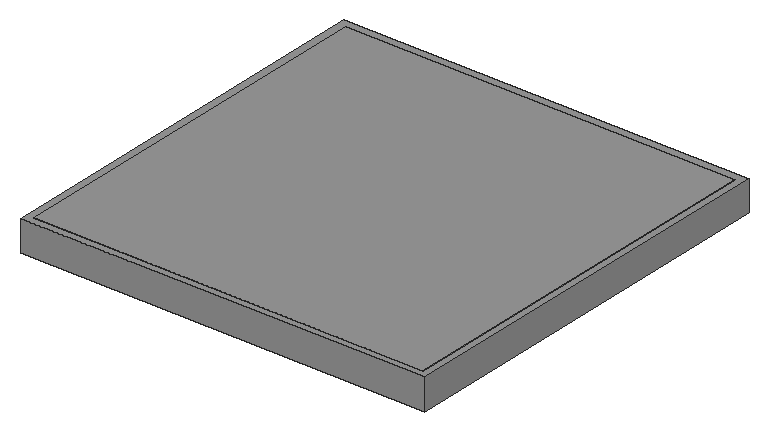
Revit family "ДВО-09 30 Вт Грильято DALI", category Осветительные приборы, Revit 2019 (continued)
Types (6, lengths in mm): name | Эффективность светильника | Файл фотометрической сетки | Тип рассеивателя | Световой поток модуля | built-in parameter 1150142 | Wattage | built-in parameter 1114217 | built-in parameter 1150134 | Lumens | built-in parameter 1150105 | Категория по ограничению яркости | built-in parameter 1150107 | built-in parameter 1150106 | Габаритная яркость | Артикул | URL
    3 332.2 327.3 322.9 317.5 312.9 307.6 303 297.5 292.8 287.6 283.2 277.8 273.4 268.5 264.4 259.6 255.5 251 247.1 242.6 238.7 234.4 230.6 226.2 222.3 218.1 214 209.8 206 201.7 197.8 193.5 189.7 185.4 181.5 177.3 173.5 169.3 165.6 161.5 157.9 153.9 150.3 146.4 143 139.2 135.8 132.1 128.9 125.3 122.1 118.7 115.7 112.2 109.2 105.9 103 99.8 97 93.8 91.1 88.2 85.4 82.5 80 77.2 74.6 71.9 69.6 66.9 64.6 62 59.7 57.2 55 52.6 50.5 48.2 46.3 44.3 42.5 40.6 39 37.3 36 34.3 33 31.6 30.3 29 27.8 26.5 25.4 24.1 22.9 21.7 20.6 19.3 18.2 17 15.9 14.6 13.4 12.2 11.1 9.8 8.7 7.6 6.6 5.7 5 4.3 4 3.7 3.5 3.4\r\n433.6 433.5 433.5 433.4 433.2 433 432.7 432.4 432.1 431.8 431.3 431 430.5 430.1 429.6 429.1 428.6 428 427.4 426.8 426 425.3 424.6 423.8 422.9 422.1 421 420.2 419.1 418.1 416.9 415.9 414.6 413.4 412 410.7 409.2 407.7 406 404.6 402.9 401.2 399.4 397.8 395.8 394 391.9 390 387.6 385.6 383.1 380.8 378 375.5 372.5 369.8 366.4 363.5 359.8 356.6 352.5 348.9 344.6 340.7 335.9 331.7 326.9 322.6 317.4 312.9 308 303.5 298.3 293.9 288.9 284.6 279.5 275.2 270.3 266.1 261.2 257.1 252.3 248.3 243.6 239.5 235.1 231.2 226.5 222.7 218.3 214.3 209.9 206.1 201.8 197.9 193.7 190.1 185.9 182.1 178 174.5 170.5 166.9 163 159.7 155.9 152.6 148.9 145.7 142.1 138.7 135.2 132.1 128.6 125.3 121.8 118.8 115.2 112.1 108.6 105.5 102.1 99 95.7 92.8 89.6 86.7 83.6 81 78 75.4 72.5 70.1 67.3 64.9 62.3 60.1 57.5 55.5 53.2 51.3 49.2 47.5 45.7 44.1 42.4 41 39.5 38.2 36.8 35.6 34.4 33.3 32.1 31 29.8 28.8 27.6 26.5 25.3 24.2 22.9 21.9 20.5 19.4 18 16.7 15.4 14.2 12.7 11.5 10.1 9 7.7 6.7 5.8 5.2 4.6 4.1 3.8\r\n433.7 433.7 433.8 433.8 433.7 433.4 433.2 432.8 432.5 432.2 431.9 431.5 431.2 430.8 430.3 429.9 429.5 428.9 428.3 427.7 427 426.3 425.6 424.8 423.9 423.2 422.1 421.3 420.2 419.2 418.2 417.1 416 414.9 413.5 412.3 410.9 409.4 407.8 406.4 404.7 403.2 401.4 399.8 397.7 395.9 393.8 391.8 389.2 387.2 384.6 382.2 379.2 376.6 373.5 370.7 367.1 363.9 360.2 356.7 352.5 348.7 344.3 340.3 335.5 331.3 326.5 322.3 317.2 313 308.3 304 299.1 295 290.2 286.1 281.1 276.9 272.1 267.8 262.8 258.6 253.7 249.6 244.6 240.3 235.8 231.7 226.9 223 218.5 214.5 210.1 206.2 202 198.1 194 190.4 186.3 182.7 178.8 175.4 171.6 168.3 164.6 161.5 158 154.8 151.3 148.4 144.9 141.7 138.3 135.3 131.8 128.5 125 121.9 118.2 114.9 111.2 108 104.4 101.1 97.6 94.5 91 88 84.7 81.9 78.8 76.1 73.1 70.6 67.7 65.3 62.7 60.5 57.9 55.9 53.8 52.1 50.2 48.6 47 45.6 44.1 42.9 41.7 40.5 39.3 38.3 37.2 36.3 35.2 34.3 33.2 32.2 31.1 30.1 28.9 27.8 26.6 25.5 24.1 22.9 21.4 20 18.5 17.2 15.6 14.2 12.6 11.3 9.8 8.4 7.3 6.3 5.5 4.8 4.3\r\n433.6 433.6 433.5 433.4 433.3 433.1 432.8 432.4 432.1 431.8 431.5 431.1 430.8 430.4 429.8 429.4 428.9 428.3 427.7 427.1 426.3 425.6 424.9 424.1 423.3 422.4 421.4 420.7 419.6 418.5 417.4 416.4 415.2 414.1 412.6 411.4 409.9 408.5 406.9 405.4 403.7 402.1 400.3 398.6 396.5 394.7 392.5 390.4 387.9 385.7 383.1 380.6 377.6 374.9 371.8 368.9 365.2 362.1 358.3 354.9 350.8 347.2 343 339.2 334.6 330.8 326.2 322.3 317.6 313.6 309.1 305.2 300.5 296.7 292.3 288.5 283.9 280.1 275.7 271.8 267.3 263.4 259 255.1 250.6 246.6 242.3 238.4 233.8 230 225.6 221.7 217.4 213.6 209.3 205.5 201.3 197.7 193.5 189.7 185.6 182 177.9 174.2 170 166.4 162.2 158.4 154.3 150.6 146.4 142.6 138.4 134.8 130.7 126.9 122.9 119.4 115.4 111.8 108 104.6 100.9 97.5 93.9 90.8 87.3 84.3 81 78.1 75 72.3 69.4 66.9 64.2 61.9 59.4 57.4 55.1 53.3 51.4 49.8 48.1 46.7 45.3 44.1 42.8 41.8 40.7 39.7 38.6 37.7 36.6 35.8 34.7 33.7 32.7 31.7 30.6 29.6 28.5 27.6 26.4 25.4 24.1 23 21.6 20.3 18.7 17.3 15.6 14.1 12.5 11.1 9.4 8.1 6.8 5.8 4.8 4.2 3.8\r\n433.4 433.4 433.2 433.1 432.9 432.7 432.4 432.1 431.8 431.4 431.1 430.8 430.4 429.9 429.3 428.9 428.3 427.7 427 426.4 425.7 424.9 424.2 423.4 422.6 421.7 420.8 420 418.9 417.9 416.7 415.7 414.4 413.2 411.7 410.5 409 407.7 405.9 404.5 402.7 401 399.2 397.4 395.2 393.5 391.2 389.1 386.6 384.2 381.6 379 375.9 373.2 370 367.1 363.4 360.2 356.5 353.1 349.1 345.7 341.6 338.1 333.8 330.2 326 322.4 317.9 314.3 310 306.4 302 298.4 294.3 290.9 286.6 283.3 279.2 275.8 271.8 268.2 264.3 260.7 256.5 252.9 248.8 245.2 240.8 237 232.7 229 224.7 221 216.7 212.8 208.6 204.9 200.6 196.7 192.4 188.6 184.2 180 175.4 171.2 166.5 162.1 157.2 152.8 147.8 143.5 138.5 134.3 129.5 125.3 120.8 117 112.6 108.7 104.7 101.2 97.4 93.9 90.3 87.1 83.6 80.6 77.2 74.4 71.3 68.5 65.7 63.2 60.6 58.5 56.2 54.4 52.3 50.7 49 47.5 46 44.7 43.6 42.7 41.5 40.7 39.8 38.9 38 37.1 36.1 35.2 34.2 33.2 32.1 31.2 30.1 29.1 28.1 27.3 26.2 25.3 24.2 23.1 21.8 20.5 18.9 17.4 15.6 14 12.3 10.8 9.1 7.7 6.2 5.2 4.1 3.6 3.3\r\n433.4 433.4 433.2 433.1 432.8 432.6 432.3 432 431.7 431.3 431 430.6 430.3 429.8 429.4 428.9 428.3 427.7 426.9 426.3 425.6 424.8 424 423.2 422.4 421.5 420.5 419.7 418.6 417.5 416.4 415.4 414.1 412.9 411.5 410.3 408.9 407.5 405.8 404.3 402.6 401 399.1 397.3 395.2 393.4 391.2 389.1 386.6 384.3 381.7 379.2 376.1 373.4 370.2 367.2 363.5 360.3 356.6 353.2 349.2 345.7 341.7 338.1 333.8 330.2 325.9 322.3 317.7 314.1 309.7 305.9 301.4 297.7 293.4 289.7 285.1 281.5 277.3 273.6 269.2 265.5 261.3 257.7 253.3 249.6 245.4 241.8 237.3 233.6 229.2 225.4 221.1 217.5 213.2 209.3 205.1 201.5 197.2 193.5 189.2 185.5 181.3 177.3 172.8 168.8 164.2 160 155.3 151.1 146.3 142 137.2 133 128.4 124.2 119.7 115.9 111.6 107.7 103.7 100.2 96.4 93 89.4 86.3 82.9 79.9 76.6 73.8 70.8 68.1 65.2 62.9 60.2 58.1 55.8 53.9 51.8 50.1 48.4 46.9 45.3 44 42.8 41.8 40.6 39.7 38.7 37.9 36.9 36.1 35.1 34.2 33.2 32.3 31.2 30.3 29.2 28.3 27.3 26.4 25.3 24.3 23.2 22.1 20.8 19.5 18 16.6 14.9 13.4 11.8 10.3 8.7 7.4 6 5 4 3.6 3.3\r\n433.4 433.4 433.2 433.1 432.8 432.5 432.2 431.9 431.6 431.2 430.8 430.5 430.2 429.8 429.4 428.8 428.3 427.7 426.9 426.2 425.5 424.7 423.8 422.9 422.2 421.2 420.2 419.3 418.3 417.2 416.2 415 413.9 412.7 411.3 410.1 408.7 407.3 405.7 404.2 402.6 400.9 399.1 397.3 395.2 393.3 391.1 389.1 386.6 384.3 381.8 379.3 376.2 373.5 370.3 367.3 363.7 360.4 356.7 353.4 349.3 345.8 341.8 338.2 333.9 330.1 325.9 322.2 317.6 313.8 309.4 305.5 300.9 297 292.4 288.4 283.6 279.8 275.3 271.3 266.6 262.8 258.4 254.6 250.1 246.4 242.1 238.4 233.9 230.1 225.7 221.8 217.6 213.9 209.6 205.8 201.6 198.1 193.9 190.2 186.1 182.5 178.4 174.5 170.3 166.4 162 158 153.4 149.4 144.8 140.5 135.9 131.8 127.3 123.1 118.6 114.8 110.6 106.7 102.8 99.3 95.5 92.1 88.6 85.5 82.1 79.1 75.9 73.3 70.3 67.6 64.8 62.5 59.8 57.7 55.4 53.5 51.2 49.6 47.7 46.3 44.5 43.3 42 40.9 39.7 38.7 37.7 36.9 35.9 35 34.1 33.2 32.2 31.4 30.3 29.4 28.4 27.5 26.4 25.6 24.4 23.4 22.2 21.1 19.7 18.5 17.1 15.7 14.2 12.8 11.3 9.8 8.2 7 5.7 4.8 4 3.5 3.3\r\n433.4 433.5 433.3 433.3 433.2 433 432.8 432.6 432.4 432.2 431.8 431.5 431.2 430.9 430.5 430.1 429.6 429 428.4 427.8 427.1 426.5 425.7 424.9 424.2 423.3 422.5 421.6 420.6 419.7 418.7 417.7 416.7 415.5 414.4 413.2 412 410.6 409.2 407.8 406.3 404.7 403.2 401.4 399.7 397.8 396 394 391.9 389.9 387.7 385.4 382.9 380.5 377.9 375.2 372.2 369.3 366.1 363 359.6 356.2 352.6 348.9 345.1 341.2 337.1 333.1 328.8 324.7 320.4 316 311.7 307.4 303 298.9 294.6 290.5 286.3 282.2 278 274.1 270 266.2 262.1 258.2 254.2 250.3 246.3 242.4 238.3 234.2 230.3 226.2 222.2 218.1 214 210 205.9 201.8 197.7 193.5 189.5 185.3 181.2 177 172.8 168.6 164.4 160.1 155.9 151.6 147.3 142.8 138.5 134 129.6 125.1 120.8 116.3 112.1 107.8 103.7 99.6 95.7 91.7 88.1 84.4 80.9 77.5 74.3 71 68 65.1 62.3 59.6 57.2 54.7 52.4 50.3 48.3 46.4 44.6 43 41.6 40.2 39 37.9 36.9 36 35.1 34.3 33.5 32.7 32 31.2 30.5 29.7 29 28.2 27.3 26.5 25.6 24.7 23.7 22.7 21.6 20.5 19.3 17.9 16.4 14.8 13.2 11.6 10 8.5 7.1 5.8 4.8 3.9 3.3\r\n433.4 433.5 433.5 433.5 433.6 433.5 433.4 433.3 433.2 433.1 432.8 432.6 432.3 432 431.6 431.3 430.9 430.4 429.9 429.5 428.8 428.3 427.6 426.9 426.3 425.4 424.7 423.9 423 422.2 421.3 420.3 419.5 418.4 417.5 416.2 415.2 413.9 412.8 411.4 410.1 408.6 407.2 405.5 404.1 402.4 400.8 399 397.2 395.4 393.6 391.5 389.6 387.4 385.4 383 380.8 378.2 375.6 372.7 369.9 366.6 363.5 359.6 356.3 352.2 348.3 344 340 335.5 331.3 326.5 322.5 317.8 313.7 309.4 305.6 301.3 297.4 293.1 289.5 285.4 281.7 277.7 274.1 270.1 266.4 262.3 258.8 254.7 250.9 246.7 243 238.5 234.7 230.3 226.5 221.8 217.8 213.3 209.3 204.5 200.6 196.1 192.2 187.5 183.7 179.2 175.4 170.9 167.1 162.6 158.6 153.8 149.7 144.9 140.5 135.3 130.9 125.8 121.5 116.3 111.9 107 102.9 98 94.1 89.7 85.9 81.7 78.2 74.4 71.2 67.6 64.7 61.6 58.9 56 53.6 51 48.9 46.5 44.7 42.8 41.1 39.5 38.4 37.1 36 35.1 34.3 33.6 32.9 32.2 31.8 31.1 30.6 30 29.5 28.8 28.2 27.5 26.7 26 25.2 24.3 23.5 22.6 21.4 20 18.6 16.9 15.2 13.4 11.8 10 8.5 6.9 5.6 4.3 3.3\r\n433.6 433.6 433.6 433.6 433.7 433.6 433.6 433.4 433.3 433.1 432.8 432.5 432.2 431.8 431.5 431 430.6 430.1 429.7 429.2 428.6 427.9 427.2 426.4 425.8 424.9 424.1 423.2 422.3 421.5 420.7 419.7 418.8 417.7 416.7 415.4 414.3 413 411.8 410.3 409 407.5 406.1 404.4 402.9 401.1 399.5 397.5 395.8 393.8 391.8 389.6 387.5 385.1 382.8 380.3 377.9 375.2 372.4 369.3 366.4 363 359.6 355.7 352.2 347.9 343.8 339 334.7 329.8 325 319.7 315.1 309.9 305.1 300 295.6 290.7 286.3 281.6 277.7 273.2 269.3 265.1 261.4 257.3 253.5 249.3 245.8 241.7 237.8 233.7 230 225.5 221.7 217.4 213.5 208.9 205.1 200.6 196.7 192 188.2 183.8 180 175.5 171.8 167.5 163.9 159.6 156 151.9 148.2 143.9 140.3 136.1 132.3 127.8 124 119.6 115.7 111.2 107.3 103.1 99.3 95 91.5 87.5 84.2 80.4 77.3 73.9 71.1 67.8 65.2 62.3 59.9 57.2 55 52.7 50.7 48.6 46.9 45 43.4 41.7 40.4 38.9 37.5 36.3 35.2 34.2 33.2 32.3 31.6 30.8 30.1 29.4 28.8 27.9 27.2 26.3 25.4 24.4 23.5 22.4 21.3 20.1 18.9 17.4 16.1 14.5 12.9 11.2 9.8 8.2 7 5.6 4.7 3.8 3.1\r\n433.7 433.7 433.8 433.8 433.8 433.8 433.7 433.5 433.3 433 432.8 432.5 432.1 431.6 431.3 430.8 430.4 429.9 429.5 428.9 428.4 427.6 426.9 426 425.3 424.4 423.6 422.5 421.7 420.8 420 419.1 418.1 417 415.9 414.6 413.4 412 410.8 409.2 407.9 406.4 405 403.3 401.7 399.9 398.2 396.1 394.3 392.1 390.1 387.7 385.4 382.8 380.3 377.5 375 372.1 369.3 366 362.9 359.3 355.8 351.8 348 343.5 339.2 334.1 329.4 324 318.8 312.9 307.8 301.9 296.5 290.7 285.7 280.2 275.2 270.1 265.8 261.1 257 252.5 248.7 244.5 240.7 236.4 232.8 228.7 224.8 220.6 216.9 212.5 208.8 204.5 200.6 196.1 192.3 187.9 184.1 179.6 175.8 171.6 167.9 163.6 159.9 155.9 152.3 148.3 144.9 141.2 137.9 134.1 130.9 127.3 124 120.2 117 113.3 110 106.1 102.8 99.1 95.8 91.9 88.8 85.3 82.5 79.1 76.4 73.4 70.9 67.9 65.6 63 60.9 58.4 56.5 54.4 52.6 50.7 49 47.3 45.7 43.9 42.4 40.6 39.1 37.5 36.1 34.8 33.5 32.5 31.5 30.4 29.6 28.7 28 27 26.1 25 24.1 22.8 21.7 20.4 19.2 17.7 16.4 14.8 13.5 12 10.6 9.1 7.9 6.4 5.4 4.3 3.7 3.2 2.8\r\n433.6 433.6 433.6 433.6 433.6 433.6 433.4 433.4 433.2 433 432.8 432.5 432.2 431.8 431.5 431.1 430.8 430.2 429.9 429.3 428.9 428.1 427.5 426.7 426.1 425.3 424.6 423.7 422.9 422.1 421.3 420.4 419.4 418.4 417.4 416.1 415 413.7 412.5 411.1 409.8 408.4 407 405.3 403.8 402.1 400.5 398.5 396.8 394.9 393 390.8 388.8 386.5 384.3 381.8 379.6 377 374.6 371.7 369.1 366 363 359.6 356.3 352.6 349 344.7 340.9 336.3 332 327.1 322.7 317.6 312.8 307.5 303 297.8 293 287.9 283.4 278.4 274 269.1 264.9 260.3 256 251.3 247.3 242.8 238.6 234.2 230.2 225.5 221.6 217.1 213 208.3 204.4 199.8 195.8 191.2 187.3 183 179.1 174.7 170.9 166.7 163.1 158.9 155.3 151.4 147.9 143.9 140.6 136.8 133.5 129.6 126.3 122.6 119.3 115.5 112.3 108.7 105.6 101.9 98.9 95.5 92.6 89.3 86.5 83.6 80.9 77.9 75.5 72.8 70.4 67.7 65.6 63.2 61.1 58.9 56.9 54.7 52.8 50.7 48.9 46.7 44.9 43 41.3 39.5 38 36.5 35.2 33.8 32.6 31.3 30.3 29.1 28 26.7 25.7 24.4 23.2 21.9 20.7 19.3 18 16.6 15.4 14 12.7 11.3 10.1 8.8 7.7 6.5 5.7 4.9 4.2\r\n433.4 433.4 433.5 433.5 433.4 433.3 433.2 433.3 433.1 433 432.8 432.6 432.3 432.1 431.8 431.4 431.2 430.6 430.4 429.7 429.3 428.7 428.2 427.4 427 426.3 425.6 424.9 424.1 423.4 422.5 421.6 420.8 419.8 418.9 417.7 416.7 415.4 414.3 412.9 411.8 410.3 408.9 407.4 405.9 404.4 402.8 401 399.3 397.6 395.9 393.9 392.3 390.2 388.4 386.1 384.2 381.9 379.8 377.4 375.3 372.6 370.1 367.4 364.7 361.7 358.7 355.4 352.3 348.6 345.2 341.2 337.6 333.2 329.2 324.4 320.3 315.3 310.7 305.6 301 295.8 291 285.7 281.1 276 271.3 266.2 261.9 256.9 252.5 247.7 243.5 238.5 234.4 229.7 225.5 220.6 216.4 211.8 207.6 202.9 198.8 194.4 190.4 185.8 181.9 177.5 173.8 169.4 165.6 161.5 157.9 153.7 150.3 146.3 142.9 138.9 135.6 131.9 128.7 125 121.9 118.4 115.4 111.9 108.9 105.7 102.8 99.5 96.7 93.7 91 87.9 85.4 82.5 79.9 77 74.7 72 69.6 67.1 64.7 62.2 59.9 57.4 55.3 52.9 50.8 48.5 46.5 44.3 42.5 40.5 38.9 37.1 35.5 34 32.6 31.2 29.8 28.4 27.3 25.9 24.7 23.3 22.2 20.9 19.7 18.4 17.2 16 14.8 13.5 12.3 11.1 10 8.8 7.7 6.6 5.6\r\n433.4 433.5 433.6 433.6 433.6 433.6 433.4 433.4 433.3 433.1 432.9 432.7 432.4 432 431.8 431.3 431 430.4 430 429.5 429 428.4 428 427.3 426.7 426 425.3 424.6 423.8 423 422.2 421.2 420.4 419.3 418.4 417.3 416.3 415 413.9 412.5 411.4 410 408.6 407 405.6 404 402.4 400.5 398.9 397 395.2 393.1 391.3 389 387.1 384.6 382.5 379.9 377.5 374.6 372 368.9 366 362.6 359.4 355.8 352.3 348.4 344.9 340.7 336.9 332.7 328.9 324.5 320.5 315.9 312.1 307.5 303.3 298.7 294.6 290 285.7 281.1 277 272.4 268.2 263.7 259.7 255.1 251 246.4 242.5 237.7 233.7 229.2 225.1 220.4 216.4 211.8 207.8 203.1 199 194.6 190.6 185.9 181.9 177.4 173.4 168.7 164.7 160.2 156.3 151.6 147.8 143.3 139.5 134.9 131.1 126.7 123 118.6 114.9 110.8 107.2 103.1 99.8 96 92.8 89.1 86.2 82.9 80.1 76.9 74.4 71.6 69.1 66.4 64.2 61.8 59.7 57.5 55.6 53.6 51.8 49.9 48.3 46.6 45.1 43.5 42.1 40.6 39.3 38 36.9 35.6 34.5 33.3 32.3 31.1 30.1 28.8 27.8 26.5 25.3 24 22.8 21.4 20.1 18.7 17.4 15.9 14.6 13.1 11.7 10.3 8.9 7.5 6.4 5.2 4.4\r\n433.4 433.6 433.7 433.8 433.7 433.8 433.6 433.6 433.5 433.2 433 432.7 432.5 432 431.8 431.1 430.7 430.2 429.7 429.2 428.7 428.2 427.7 427.1 426.5 425.8 425.1 424.3 423.5 422.5 421.8 420.7 419.9 418.8 418 416.9 415.9 414.7 413.6 412.2 411 409.6 408.2 406.7 405.2 403.6 402 400 398.4 396.4 394.5 392.3 390.4 387.9 385.7 383.2 380.7 377.9 375.1 371.9 368.8 365.3 361.8 357.8 354.2 349.9 345.9 341.4 337.4 332.8 328.7 324.1 320.2 315.8 311.8 307.5 303.8 299.7 295.8 291.8 288.2 284.1 280.4 276.5 272.9 268.8 265.1 261.1 257.5 253.3 249.5 245.2 241.4 236.9 233.1 228.7 224.8 220.1 216.3 211.8 207.9 203.3 199.3 194.8 190.8 186 181.9 177.2 173.1 168 163.8 158.9 154.7 149.6 145.3 140.3 136 130.9 126.6 121.6 117.3 112.2 107.9 103.1 99.1 94.3 90.6 86.4 82.8 78.8 75.7 72.1 69.2 66 63.4 60.6 58.3 55.8 53.8 51.6 49.8 48 46.5 44.9 43.6 42.3 41.3 40.2 39.3 38.4 37.7 36.9 36.2 35.4 34.8 34.1 33.4 32.6 31.9 31.1 30.3 29.2 28.3 27.2 26 24.7 23.4 22 20.5 19 17.5 15.8 14.3 12.6 11.1 9.4 7.8 6.2 5 3.9 3.2\r\n433.4 433.6 433.6 433.6 433.6 433.6 433.5 433.5 433.4 433.2 432.9 432.7 432.4 432 431.7 431.2 430.8 430.3 429.8 429.3 428.7 428.2 427.7 427 426.4 425.6 424.9 424.1 423.2 422.4 421.6 420.5 419.7 418.6 417.8 416.6 415.5 414.3 413.2 411.8 410.5 409.1 407.7 406.1 404.7 403 401.4 399.5 397.8 395.9 394 391.9 390 387.7 385.6 383.1 380.7 378.1 375.3 372.3 369.4 366 362.6 358.7 355.3 351 347.1 342.7 338.7 334.1 330 325.3 321.3 316.8 312.7 308.4 304.7 300.5 296.6 292.5 288.9 284.8 281 277.1 273.5 269.5 265.8 261.7 258.2 254 250.2 245.9 242.2 237.7 233.9 229.5 225.6 221 217.1 212.6 208.6 203.9 199.9 195.5 191.5 186.7 182.8 178.2 174.2 169.4 165.4 160.8 156.6 151.7 147.5 142.6 138.3 133.1 128.8 123.7 119.4 114.2 109.9 105.1 101 96.2 92.3 88 84.4 80.2 76.9 73.3 70.2 66.8 64.1 61.1 58.6 55.9 53.7 51.3 49.3 47.3 45.6 43.8 42.4 40.9 39.8 38.7 37.7 36.8 36 35.2 34.6 33.8 33.3 32.6 32 31.3 30.7 29.9 29.2 28.4 27.5 26.6 25.6 24.5 23.5 22.3 21 19.5 18.1 16.4 14.7 13 11.4 9.7 8.2 6.6 5.3 4.1 3.3\r\n433.4 433.5 433.5 433.5 433.6 433.5 433.4 433.3 433.2 433.1 432.8 432.6 432.3 432 431.6 431.3 430.9 430.4 429.9 429.5 428.8 428.3 427.6 426.9 426.3 425.4 424.7 423.9 423 422.2 421.3 420.3 419.5 418.4 417.5 416.2 415.2 413.9 412.8 411.4 410.1 408.6 407.2 405.5 404.1 402.4 400.8 399 397.2 395.4 393.6 391.5 389.6 387.4 385.4 383 380.8 378.2 375.6 372.7 369.9 366.6 363.5 359.6 356.3 352.2 348.3 344 340 335.5 331.3 326.5 322.5 317.8 313.7 309.4 305.6 301.3 297.4 293.1 289.5 285.4 281.7 277.7 274.1 270.1 266.4 262.3 258.8 254.7 250.9 246.7 24
